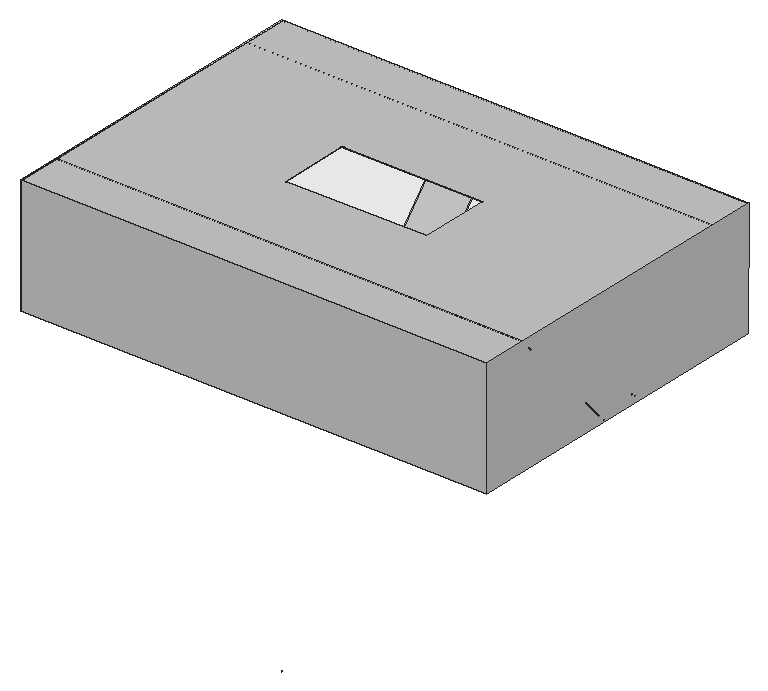
Revit family "QF_ELECTROLUXPROFESSIONAL_642032_EC1420T", category Specialty Equipment, Revit 2014
Reference planes
  plane 1: z = 0
  plane 2 "Center (Left/Right)": x = 150
  plane 3 "LEFT": x = -850
  plane 4 "RIGHT": x = 1150
  plane 5 "BACK": y = 550
  plane 6 "TOP": z = 2500
  plane 7 "Base": z = 2000
  plane 8: z = 1946
  plane 9: x = -847
  plane 10 "DrainX": x = 999
  plane 11 "AOLeft2": x = 450
  plane 12: x = 1147
  plane 13: x = -650
  plane 14: x = 950
  plane 15: x = 50
  plane 16: x = 250
  plane 17 "AOLeft1": x = -150
  plane 18: y = 0
  plane 19: y = -300
  plane 20: y = -150
  plane 21: y = -850
  plane 22: through (0, 260.354, 2382.279) normal (0, 0.766, -0.6428)
  plane 23: through (0, -560.351, 2382.279) normal (0, -0.766, -0.6428)
  plane 24: through (0, 272.154, 2402.468) normal (0, -0.753, 0.6581)
  plane 25: through (0, -572.152, 2402.468) normal (0, -0.753, -0.6581)
Forms (mm)
  Extrusion 1, solid, material "QF_Finishes_Stainless Steel"
    sketch origin (-850, 0, 360) x (0, 1, 0) y (0, 0, 1)
      loop
        line (550, 1640) -> (550, 2140) -> (-850, 2140) -> (-850, 1640) -> (550, 1640)
    from 0 to 3
  Extrusion 2, solid, material "QF_Finishes_Stainless Steel"
    sketch origin (1150, 0, 360) x (0, 1, 0) y (0, 0, 1)
      loop
        line (550, 1640) -> (550, 2140) -> (-850, 2140) -> (-850, 1640) -> (550, 1640)
    from 0 to -3
  Extrusion 3, solid, material "QF_Finishes_Stainless Steel"
    sketch origin (150, 0, 360) x (0, 1, 0) y (0, 0, 1)
      loop
        line (-850, 2140) -> (-850, 1640) -> (-840, 1640) -> (-840, 1640.8) -> (-849.2, 1640.8) -> (-849.2, 2139.19) -> (549.2, 2139.19) -> (549.2, 1640.8) -> (540, 1640.8) -> (540, 1640) -> (550, 1640) -> (550, 2140) -> (-850, 2140)
    from -1000 to 1000
  Extrusion 4, solid, material "QF_Finishes_Stainless Steel"
    sketch origin (0, -600, 2000) x (0, 1, 0) y (-1, 0, 0)
      loop
        circle (450, -999) r 6.35
    from -3.799 to 0
  Extrusion 5, void
    sketch origin (0, 400, 2500) x (0, 1, 0) y (-1, 0, 0)
      loop
        line (-400, -450) -> (-400, 150) -> (-700, 150) -> (-700, -450) -> (-400, -450)
    from 0 to -10
  Extrusion 6, solid, material "QF_Finishes_Stainless Steel"
    sketch origin (0, 0, 0) x (1, 0, 0) y (0, 1, 0)
      loop
        line (-850, 550) -> (-850, 549) -> (-849, 549) -> (-849, 550) -> (-850, 550)
    from 0 to 1
  Extrusion 7, solid, material "QF_Finishes_Stainless Steel"
    sketch origin (150, 0, 360) x (0, 1, 0) y (0, 0, 1)
      loop
        line (-79.471, 1685.734) -> (-56.882, 1665.992) -> (272.154, 2042.468) -> (249.566, 2062.21) -> (-79.471, 1685.734)
      loop
        line (-572.152, 2042.468) -> (-243.115, 1665.992) -> (-220.526, 1685.734) -> (-549.563, 2062.21) -> (-572.152, 2042.468)
    from -800 to -997
  Extrusion 8, solid, material "QF_Finishes_Stainless Steel"
    sketch origin (150, 0, 360) x (0, 1, 0) y (0, 0, 1)
      loop
        line (260.354, 2022.279) -> (358.454, 2139.19) -> (357.41, 2139.19) -> (266.169, 2030.453) -> (264.331, 2031.996) -> (257.903, 2024.336) -> (260.354, 2022.279)
      loop
        line (-39.202, 1672.761) -> (-56.017, 1663.363) -> (-81.407, 1685.429) -> (-81.974, 1684.862) -> (-54.914, 1661.345) -> (-90.242, 1641.601) -> (-209.758, 1641.601) -> (-245.086, 1661.345) -> (-218.026, 1684.862) -> (-218.593, 1685.429) -> (-243.983, 1663.363) -> (-260.798, 1672.761) -> (-262.311, 1670.055) -> (-209.966, 1640.801) -> (-90.034, 1640.801) -> (-37.689, 1670.055) -> (-39.202, 1672.761)
      loop
        line (-560.354, 2022.279) -> (-557.903, 2024.336) -> (-564.331, 2031.996) -> (-566.169, 2030.453) -> (-657.41, 2139.19) -> (-658.454, 2139.19) -> (-560.354, 2022.279)
    from -997 to 997
  Extrusion 9, solid, material "QF_Finishes_Stainless Steel"
    sketch origin (150, 0, 360) x (0, 1, 0) y (0, 0, 1)
      loop
        line (272.154, 2042.468) -> (249.566, 2062.21) -> (-79.471, 1685.734) -> (-56.882, 1665.992) -> (272.154, 2042.468)
      loop
        line (-572.154, 2042.468) -> (-243.118, 1665.992) -> (-220.529, 1685.734) -> (-549.566, 2062.21) -> (-572.154, 2042.468)
    from 997 to 800
  Extrusion 10, solid, material "QF_Finishes_Stainless Steel"
    sketch origin (150, 0, 360) x (0, 1, 0) y (0, 0, 1)
      loop
        line (272.154, 2042.468) -> (249.566, 2062.21) -> (-79.471, 1685.734) -> (-56.882, 1665.992) -> (272.154, 2042.468)
      loop
        line (-572.154, 2042.468) -> (-243.118, 1665.992) -> (-220.529, 1685.734) -> (-549.566, 2062.21) -> (-572.154, 2042.468)
    from -100 to 100
  Extrusion 11, solid, material "QF_Finished_Chrome"
    sketch origin (150, 0, 360) x (0, 1, 0) y (0, 0, 1)
      loop
        line (249.566, 2062.21) -> (-79.471, 1685.734) -> (-56.882, 1665.992) -> (272.154, 2042.468) -> (249.566, 2062.21)
      loop
        line (-549.566, 2062.21) -> (-572.154, 2042.468) -> (-243.118, 1665.992) -> (-220.529, 1685.734) -> (-549.566, 2062.21)
    from -800 to -100
  Extrusion 12, solid, material "QF_Finished_Chrome"
    sketch origin (150, 0, 360) x (0, 1, 0) y (0, 0, 1)
      loop
        line (272.154, 2042.468) -> (249.566, 2062.21) -> (-79.471, 1685.734) -> (-56.882, 1665.992) -> (272.154, 2042.468)
      loop
        line (-572.154, 2042.468) -> (-243.118, 1665.992) -> (-220.529, 1685.734) -> (-549.566, 2062.21) -> (-572.154, 2042.468)
    from 100 to 800
  Sweep 13, solid, material "QF_Finishes_Stainless Steel"
    path origin (0, 0, 0) x (1, 0, 0) y (0, 1, 0)
      loop
        line (1150, 550) -> (-850, 550) -> (-850, -850) -> (1150, -850) -> (1150, 550)
    profile origin (1150, -150, 0) x (1, 0, 0) y (0, 0, 1)
      loop
        line (-3, 2000) -> (-3, 2000.8) -> (-19, 2000.8) -> (-19, 2010) -> (-20, 2010) -> (-20, 2000) -> (-3, 2000)
  Extrusion 14, solid, material "QF_Finishes_Stainless Steel"
    sketch origin (999, 0, 0) x (0, 1, 0) y (0, 0, 1)
      loop
        arc (-105.855, 1994.063) -> (-104.106, 1996.894) -> (-100.969, 1998.001) r 5
        line (-100.969, 1998.001) -> (-94.999, 1998.001) -> (-94.999, 2000.8) -> (-204.999, 2000.8) -> (-204.999, 1998.001) -> (-199.028, 1998.001)
        arc (-199.028, 1998.001) -> (-195.891, 1996.894) -> (-194.142, 1994.063) r 5
        line (-194.142, 1994.063) -> (-187.139, 1955.845)
        arc (-187.139, 1955.845) -> (-182.768, 1948.768) -> (-174.924, 1946) r 12.5
        line (-174.924, 1946) -> (-125.073, 1946)
        arc (-125.073, 1946) -> (-117.229, 1948.768) -> (-112.859, 1955.845) r 12.5
        line (-112.859, 1955.845) -> (-105.855, 1994.063)
    from -90 to 90
Cuts and joins
  Extrusion 5 cuts Extrusion 3
  joined: Extrusion 2, Extrusion 3, Sweep 13
Lines and regions (mm)
  symbolic lines, style "SpecialityEquipment", detail levels coarse
    curve 1: line (1150, 550, 2500) -> (-850, 550, 2500)
    curve 2: line (-850, 550, 2500) -> (-850, -850, 2500)
    curve 3: line (1150, -850, 2500) -> (1150, 550, 2500)
    curve 4: line (-850, 550, 0) -> (1150, -850, 0)
    curve 5: line (1150, 550, 0) -> (-850, -850, 0)
  symbolic lines, detail levels coarse
    curve 6: line (-850, -850, 0) -> (1150, -850, 0)
    curve 7: line (450, 0, 0) -> (-150, 0, 0)
    curve 8: line (450, -300, 0) -> (450, 0, 0)
    curve 9: line (-150, -300, 0) -> (450, -300, 0)
    curve 10: line (-150, 0, 0) -> (-150, -300, 0)
Dimensions and locks
  plane 3 "LEFT" to plane 4 "RIGHT" = 2000 mm
  equal spacing: plane 3 "LEFT", plane 2 "Center (Left/Right)", plane 4 "RIGHT"
  plane 3 "LEFT" to plane 9 = 3 mm
  plane 10 "DrainX" to plane 4 "RIGHT" = 151 mm
  plane 12 to plane 4 "RIGHT" = 3 mm
  plane 3 "LEFT" to plane 13 = 200 mm
  plane 14 to plane 4 "RIGHT" = 200 mm
  locked: plane 7 "Base" to level at 2000
  locked: plane 6 "TOP" to plane 7 "Base" at 500
  locked: plane 15 to plane 16 at 200
  equal spacing: plane 15, plane 2 "Center (Left/Right)", plane 16
  plane 5 "BACK" to plane 21 = 1400 mm  (x2)
  equal spacing: plane 5 "BACK", plane 20, plane 21
  locked: plane 18 to plane 19 at 300
  equal spacing: plane 18, plane 20, plane 19
  plane 7 "Base" to plane 8 = 54 mm
  equal spacing: plane 17 "AOLeft1", plane 2 "Center (Left/Right)", plane 11 "AOLeft2"
  locked: plane 17 "AOLeft1" to plane 11 "AOLeft2" at 600
  aligned and locked: level to plane 1
  aligned and locked: plane 4 "RIGHT" to Extrusion 3
  aligned and locked: Extrusion 3 to plane 3 "LEFT"
  aligned and locked: Extrusion 7 to plane 9
  aligned and locked: Extrusion 7 to plane 13
  aligned and locked: Extrusion 2 to plane 12
  aligned and locked: plane 12 to Extrusion 9
  aligned and locked: plane 14 to Extrusion 9
  aligned and locked: plane 16 to Extrusion 10
  aligned and locked: Extrusion 10 to plane 15
  aligned and locked: plane 15 to Extrusion 11
  aligned and locked: Extrusion 11 to plane 13
  aligned and locked: Extrusion 12 to plane 16
  aligned and locked: Extrusion 12 to plane 14
  aligned and locked: Extrusion 8 to plane 9
  aligned and locked: plane 12 to Extrusion 8
  aligned and locked: Extrusion 5 to plane 17 "AOLeft1"
  aligned and locked: Extrusion 5 to plane 11 "AOLeft2"
  aligned and locked: plane 18 to curve 7
  aligned and locked: curve 9 to plane 19
  aligned and locked: plane 18 to Extrusion 5 sketch curve
  aligned and locked: Extrusion 5 sketch curve to plane 19
Automatic sketch dimensions
  Extrusion 1 sketch curve to plane 7 "Base" = 0 mm
  Extrusion 1 sketch curve to plane 5 "BACK" = 0 mm
  Extrusion 1 sketch curve to plane 6 "TOP" = 0 mm
  Extrusion 2 sketch curve to plane 7 "Base" = 0 mm
  Extrusion 2 sketch curve to plane 5 "BACK" = 0 mm
  Extrusion 2 sketch curve to plane 6 "TOP" = 0 mm
  Extrusion 3 sketch curve to plane 6 "TOP" = 0 mm
  Extrusion 3 sketch curve to plane 7 "Base" = 0 mm  (x2)
  Extrusion 3 sketch curve to plane 5 "BACK" = 0 mm
  Extrusion 3 sketch curve to Extrusion 3 sketch curve = 9.2 mm
  plane 7 "Base" to Extrusion 3 sketch curve = 0.8 mm  (x2)
  Extrusion 3 sketch curve to plane 5 "BACK" = 10 mm
  Extrusion 3 sketch curve to plane 5 "BACK" = 0.8 mm
  Extrusion 3 sketch curve to plane 6 "TOP" = 0.81 mm
  Extrusion 4 sketch curve to plane 10 "DrainX" = 0 mm
  Extrusion 5 sketch curve to plane 11 "AOLeft2" = 0 mm
  Extrusion 5 sketch curve to plane 17 "AOLeft1" = 0 mm
  Extrusion 6 sketch curve to plane 3 "LEFT" = 0 mm
  Extrusion 6 sketch curve to plane 5 "BACK" = 0 mm
  plane 3 "LEFT" to Extrusion 6 sketch curve = 1 mm
  Extrusion 6 sketch curve to Extrusion 6 sketch curve = 1 mm
  Sweep 13 sketch curve to plane 3 "LEFT" = 0 mm
  Sweep 13 sketch curve to plane 4 "RIGHT" = 0 mm
  Sweep 13 sketch curve to plane 5 "BACK" = 0 mm
  profile plane to Sweep 13 sketch curve = 20 mm
  Sweep 13 sketch curve to Sweep 13 sketch curve = 1 mm
  profile plane to Sweep 13 sketch curve = 3 mm
  level to Sweep 13 sketch curve = 2000 mm
  Sweep 13 sketch curve to Sweep 13 sketch curve = 0.8 mm
  Sweep 13 sketch curve to Sweep 13 sketch curve = 9.2 mm
  Extrusion 1 sketch curve to plane 19 = 550 mm
  Extrusion 2 sketch curve to plane 19 = 550 mm
  Extrusion 3 sketch curve to plane 19 = 540 mm
  Extrusion 3 sketch curve to Extrusion 3 sketch curve = 0.8 mm
  Sweep 13 sketch curve to plane 19 = 550 mm
  curve 5 to plane 3 "LEFT" = 0 mm
  curve 4 to plane 3 "LEFT" = 0 mm
  curve 10 to plane 17 "AOLeft1" = 0 mm
  curve 8 to plane 11 "AOLeft2" = 0 mm
  curve 5 to plane 4 "RIGHT" = 0 mm
  curve 6 to plane 4 "RIGHT" = 0 mm
  curve 4 to plane 5 "BACK" = 0 mm
  curve 5 to plane 5 "BACK" = 0 mm
  curve 6 to plane 21 = 0 mm
  Extrusion 7 sketch curve to plane 24 = 0 mm  (x2)
  Extrusion 7 sketch curve to plane 6 "TOP" = 77.79 mm  (x2)
  plane 7 "Base" to Extrusion 7 sketch curve = 25.992 mm  (x2)
  plane 7 "Base" to Extrusion 7 sketch curve = 45.734 mm
  Extrusion 7 sketch curve to plane 25 = 0 mm
  plane 25 to Extrusion 7 sketch curve = 0 mm
  Extrusion 7 sketch curve to plane 20 = 70.526 mm
  Extrusion 11 sketch curve to plane 24 = 0 mm  (x2)
  Extrusion 11 sketch curve to plane 19 = 272.154 mm
  Extrusion 11 sketch curve to plane 6 "TOP" = 77.79 mm  (x2)
  Extrusion 11 sketch curve to Extrusion 11 sketch curve = 22.589 mm
  plane 7 "Base" to Extrusion 11 sketch curve = 25.992 mm  (x2)
  plane 19 to Extrusion 11 sketch curve = 56.882 mm
  plane 20 to Extrusion 11 sketch curve = 70.529 mm
  Extrusion 10 sketch curve to plane 24 = 0 mm  (x2)
  Extrusion 10 sketch curve to plane 19 = 272.154 mm
  Extrusion 10 sketch curve to plane 6 "TOP" = 77.79 mm  (x2)
  Extrusion 10 sketch curve to Extrusion 10 sketch curve = 22.589 mm
  plane 7 "Base" to Extrusion 10 sketch curve = 25.992 mm  (x2)
  plane 19 to Extrusion 10 sketch curve = 56.882 mm
  plane 20 to Extrusion 10 sketch curve = 70.529 mm
  Extrusion 12 sketch curve to plane 24 = 0 mm  (x2)
  Extrusion 12 sketch curve to plane 19 = 272.154 mm
  Extrusion 12 sketch curve to plane 6 "TOP" = 77.79 mm  (x2)
  Extrusion 12 sketch curve to Extrusion 12 sketch curve = 22.589 mm
  plane 7 "Base" to Extrusion 12 sketch curve = 25.992 mm  (x2)
  plane 19 to Extrusion 12 sketch curve = 56.882 mm
  plane 20 to Extrusion 12 sketch curve = 70.529 mm
  Extrusion 9 sketch curve to plane 24 = 0 mm  (x2)
  Extrusion 9 sketch curve to plane 19 = 272.154 mm
  Extrusion 9 sketch curve to plane 6 "TOP" = 77.79 mm  (x2)
  Extrusion 9 sketch curve to Extrusion 9 sketch curve = 22.589 mm
  plane 7 "Base" to Extrusion 9 sketch curve = 25.992 mm  (x2)
  plane 19 to Extrusion 9 sketch curve = 56.882 mm
  plane 20 to Extrusion 9 sketch curve = 70.529 mm
  Extrusion 4 sketch curve to plane 20 = 0 mm
  plane 7 "Base" to Extrusion 14 sketch curve = 0.8 mm
  Extrusion 14 sketch curve to plane 20 = 54.999 mm
  Extrusion 14 sketch curve to Extrusion 14 sketch curve = 5.97 mm  (x2)
  Extrusion 14 sketch curve to Extrusion 14 sketch curve = 4.886 mm  (x2)
  plane 8 to Extrusion 14 sketch curve = 9.845 mm  (x2)
  Extrusion 14 sketch curve to Extrusion 14 sketch curve = 7.004 mm  (x2)
  plane 8 to Extrusion 14 sketch curve = 12.5 mm
  Extrusion 14 sketch curve to Extrusion 14 sketch curve = 12.215 mm  (x2)
  plane 20 to Extrusion 14 sketch curve = 24.927 mm
  Extrusion 14 sketch curve to plane 7 "Base" = 5.937 mm
  Extrusion 14 sketch curve to plane 7 "Base" = 1.999 mm  (x2)
  Extrusion 14 sketch curve to Extrusion 14 sketch curve = 1.062 mm
  plane 22 to Extrusion 8 sketch curve = 0 mm  (x2)
  Extrusion 8 sketch curve to plane 6 "TOP" = 0.81 mm  (x2)
  plane 21 to Extrusion 8 sketch curve = 191.546 mm
  Extrusion 8 sketch curve to Extrusion 8 sketch curve = 1.044 mm
  Extrusion 8 sketch curve to plane 6 "TOP" = 109.547 mm  (x2)
  Extrusion 8 sketch curve to Extrusion 8 sketch curve = 91.241 mm
  Extrusion 8 sketch curve to plane 6 "TOP" = 108.004 mm  (x2)
  Extrusion 8 sketch curve to plane 6 "TOP" = 117.721 mm
  plane 19 to Extrusion 8 sketch curve = 37.689 mm
  plane 7 "Base" to Extrusion 8 sketch curve = 32.761 mm
  Extrusion 8 sketch curve to Extrusion 8 sketch curve = 1.512 mm
  plane 7 "Base" to Extrusion 8 sketch curve = 21.345 mm  (x2)
  Extrusion 8 sketch curve to Extrusion 8 sketch curve = 17.225 mm
  plane 7 "Base" to Extrusion 8 sketch curve = 23.363 mm  (x2)
  Extrusion 8 sketch curve to Extrusion 8 sketch curve = 1.103 mm  (x2)
  Extrusion 8 sketch curve to Extrusion 8 sketch curve = 25.389 mm  (x2)
  Extrusion 8 sketch curve to Extrusion 8 sketch curve = 0.567 mm  (x4)
  plane 7 "Base" to Extrusion 8 sketch curve = 0.801 mm
  plane 7 "Base" to Extrusion 8 sketch curve = 1.601 mm
  plane 20 to Extrusion 8 sketch curve = 59.758 mm
  Extrusion 8 sketch curve to Extrusion 8 sketch curve = 0.208 mm  (x2)
  Extrusion 8 sketch curve to Extrusion 8 sketch curve = 8.268 mm
  Extrusion 8 sketch curve to Extrusion 8 sketch curve = 16.816 mm
  plane 7 "Base" to Extrusion 8 sketch curve = 30.055 mm
  Extrusion 8 sketch curve to plane 6 "TOP" = 115.664 mm
  plane 18 to Extrusion 8 sketch curve = 257.903 mm
  Extrusion 8 sketch curve to Extrusion 8 sketch curve = 21.498 mm  (x2)
  curve 2 to plane 3 "LEFT" = 0 mm
  curve 2 to plane 21 = 0 mm
  curve 3 to plane 4 "RIGHT" = 0 mm
  curve 3 to plane 21 = 0 mm
  curve 2 to plane 5 "BACK" = 0 mm
  radius of Extrusion 4 sketch curve = 6.35 mm
Connectors
  piping at (999, -150, 1996.201), diameter 12.7
    settings: on Extrusion 4, index 1, connector inside diameter 609.6 mm, connector length 0 mm, flow factor 0, pipe flow 0.0 L/s, pressure drop 0.0 Pa, fitting loss kfactor 0, connector angle 0.00°, fixture units 0, engagement length 0 mm, angle of deflection 0.00°, flow configuration 1, flow direction 2, fitting loss method 0, system type 16, joint type 0, gender type 0, connector reference index -1, connector utility 0, adjustable connector no, is connector primary yes, connector description "Drain"
  hvac at (150, -150, 2500)
    settings: on Extrusion 5, index 2, duct flow 0.0 L/s, flow factor 0, pres drop 0.0 Pa, loss coef 0, conn angle 0.00°, conn width 300 mm, conn height 600 mm, conn diameter 609.6 mm, duct sys type 3, conn prof type 1, flow config 1, flow direction 2, loss method 0, conn ref index -1, conn util no, is conn primary yes, conn desc "EXHAUST OUTLET"
